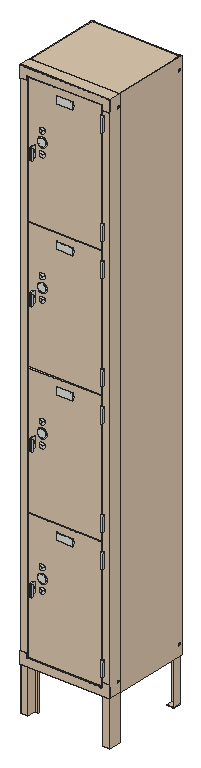
Revit family "Metal_Vented_Lockers-Salsbury_Industries-74000_Series-1_Wide_Units", category Specialty Equipment, Revit 2026 (continued)
Definition of nested family "Vents"
  Lines and regions (in)
    model lines
      curve 94: spline (-0.12232, 0, 41.60811) -> (-0.1046, 0, 41.6374) -> (-0.08525, 0, 41.66198) -> (-0.06455, 0, 41.68144) -> (-0.04284, 0, 41.6955) -> (-0.02044, 0, 41.70394) -> (0.00229, 0, 41.70663) -> (0.02501, 0, 41.70353) -> (0.04737, 0, 41.69468) -> (0.06902, 0, 41.68022) -> (0.08963, 0, 41.66038) -> (0.10888, 0, 41.63545) -> (0.12647, 0, 41.60583)
      curve 95: line (-0.12232, 0, 41.60811) -> (-0.3738, 0, 40.95638)
      curve 96: line (0.12647, 0, 41.60583) -> (0.37669, 0, 40.95565)
      curve 97: spline (-0.12218, 0, 38.56729) -> (-0.10447, 0, 38.53816) -> (-0.08514, 0, 38.51373) -> (-0.06447, 0, 38.49437) -> (-0.04279, 0, 38.48039) -> (-0.02043, 0, 38.47199) -> (0.00227, 0, 38.46932) -> (0.02496, 0, 38.4724) -> (0.04728, 0, 38.48119) -> (0.0689, 0, 38.49555) -> (0.08949, 0, 38.51527) -> (0.10872, 0, 38.54005) -> (0.1263, 0, 38.56949)
      curve 98: line (-0.12218, 0, 38.56729) -> (-0.3738, 0, 39.21938)
      curve 99: line (0.1263, 0, 38.56949) -> (0.37669, 0, 39.21865)
      curve 100: spline (-0.12232, 0, 39.87111) -> (-0.1046, 0, 39.9004) -> (-0.08525, 0, 39.92498) -> (-0.06455, 0, 39.94444) -> (-0.04284, 0, 39.9585) -> (-0.02044, 0, 39.96694) -> (0.00229, 0, 39.96963) -> (0.02501, 0, 39.96653) -> (0.04737, 0, 39.95768) -> (0.06902, 0, 39.94322) -> (0.08963, 0, 39.92338) -> (0.10888, 0, 39.89845) -> (0.12647, 0, 39.86883)
      curve 101: line (-0.12232, 0, 39.87111) -> (-0.3738, 0, 39.21938)
      curve 102: line (0.12647, 0, 39.86883) -> (0.37669, 0, 39.21865)
      curve 103: spline (-0.12218, 0, 36.83029) -> (-0.10447, 0, 36.80116) -> (-0.08514, 0, 36.77673) -> (-0.06447, 0, 36.75737) -> (-0.04279, 0, 36.74339) -> (-0.02043, 0, 36.73499) -> (0.00227, 0, 36.73232) -> (0.02496, 0, 36.7354) -> (0.04728, 0, 36.74419) -> (0.0689, 0, 36.75855) -> (0.08949, 0, 36.77827) -> (0.10872, 0, 36.80305) -> (0.1263, 0, 36.83249)
      curve 104: line (-0.12218, 0, 36.83029) -> (-0.3738, 0, 37.48238)
      curve 105: line (0.1263, 0, 36.83249) -> (0.37669, 0, 37.48165)
      curve 106: spline (-0.12232, 0, 38.13411) -> (-0.1046, 0, 38.1634) -> (-0.08525, 0, 38.18798) -> (-0.06455, 0, 38.20744) -> (-0.04284, 0, 38.2215) -> (-0.02044, 0, 38.22994) -> (0.00229, 0, 38.23263) -> (0.02501, 0, 38.22953) -> (0.04737, 0, 38.22068) -> (0.06902, 0, 38.20622) -> (0.08963, 0, 38.18638) -> (0.10888, 0, 38.16145) -> (0.12647, 0, 38.13183)
      curve 107: line (-0.12232, 0, 38.13411) -> (-0.3738, 0, 37.48238)
      curve 108: line (0.12647, 0, 38.13183) -> (0.37669, 0, 37.48165)
      curve 109: spline (-0.12218, 0, 35.09329) -> (-0.10447, 0, 35.06416) -> (-0.08514, 0, 35.03973) -> (-0.06447, 0, 35.02037) -> (-0.04279, 0, 35.00639) -> (-0.02043, 0, 34.99799) -> (0.00227, 0, 34.99532) -> (0.02496, 0, 34.9984) -> (0.04728, 0, 35.00719) -> (0.0689, 0, 35.02155) -> (0.08949, 0, 35.04127) -> (0.10872, 0, 35.06605) -> (0.1263, 0, 35.09549)
      curve 110: line (-0.12218, 0, 35.09329) -> (-0.3738, 0, 35.74538)
      curve 111: line (0.1263, 0, 35.09549) -> (0.37669, 0, 35.74465)
      curve 112: spline (-0.12232, 0, 36.39711) -> (-0.1046, 0, 36.4264) -> (-0.08525, 0, 36.45098) -> (-0.06455, 0, 36.47044) -> (-0.04284, 0, 36.4845) -> (-0.02044, 0, 36.49294) -> (0.00229, 0, 36.49563) -> (0.02501, 0, 36.49253) -> (0.04737, 0, 36.48368) -> (0.06902, 0, 36.46922) -> (0.08963, 0, 36.44938) -> (0.10888, 0, 36.42445) -> (0.12647, 0, 36.39483)
      curve 113: line (-0.12232, 0, 36.39711) -> (-0.3738, 0, 35.74538)
      curve 114: line (0.12647, 0, 36.39483) -> (0.37669, 0, 35.74465)
      curve 115: spline (-0.12218, 0, 33.35629) -> (-0.10447, 0, 33.32716) -> (-0.08514, 0, 33.30273) -> (-0.06447, 0, 33.28337) -> (-0.04279, 0, 33.26939) -> (-0.02043, 0, 33.26099) -> (0.00227, 0, 33.25832) -> (0.02496, 0, 33.2614) -> (0.04728, 0, 33.27019) -> (0.0689, 0, 33.28455) -> (0.08949, 0, 33.30427) -> (0.10872, 0, 33.32905) -> (0.1263, 0, 33.35849)
      curve 116: line (-0.12218, 0, 33.35629) -> (-0.3738, 0, 34.00838)
      curve 117: line (0.1263, 0, 33.35849) -> (0.37669, 0, 34.00765)
      curve 118: spline (-0.12232, 0, 34.66011) -> (-0.1046, 0, 34.6894) -> (-0.08525, 0, 34.71398) -> (-0.06455, 0, 34.73344) -> (-0.04284, 0, 34.7475) -> (-0.02044, 0, 34.75594) -> (0.00229, 0, 34.75863) -> (0.02501, 0, 34.75553) -> (0.04737, 0, 34.74668) -> (0.06902, 0, 34.73222) -> (0.08963, 0, 34.71238) -> (0.10888, 0, 34.68745) -> (0.12647, 0, 34.65783)
      curve 119: line (-0.12232, 0, 34.66011) -> (-0.3738, 0, 34.00838)
      curve 120: line (0.12647, 0, 34.65783) -> (0.37669, 0, 34.00765)
      curve 121: spline (-0.12218, 0, 31.61929) -> (-0.10447, 0, 31.59016) -> (-0.08514, 0, 31.56573) -> (-0.06447, 0, 31.54637) -> (-0.04279, 0, 31.53239) -> (-0.02043, 0, 31.52399) -> (0.00227, 0, 31.52132) -> (0.02496, 0, 31.5244) -> (0.04728, 0, 31.53319) -> (0.0689, 0, 31.54755) -> (0.08949, 0, 31.56727) -> (0.10872, 0, 31.59205) -> (0.1263, 0, 31.62149)
      curve 122: line (-0.12218, 0, 31.61929) -> (-0.3738, 0, 32.27138)
      curve 123: line (0.1263, 0, 31.62149) -> (0.37669, 0, 32.27065)
      curve 124: spline (-0.12232, 0, 32.92311) -> (-0.1046, 0, 32.9524) -> (-0.08525, 0, 32.97698) -> (-0.06455, 0, 32.99644) -> (-0.04284, 0, 33.0105) -> (-0.02044, 0, 33.01894) -> (0.00229, 0, 33.02163) -> (0.02501, 0, 33.01853) -> (0.04737, 0, 33.00968) -> (0.06902, 0, 32.99522) -> (0.08963, 0, 32.97538) -> (0.10888, 0, 32.95045) -> (0.12647, 0, 32.92083)
      curve 125: line (-0.12232, 0, 32.92311) -> (-0.3738, 0, 32.27138)
      curve 126: line (0.12647, 0, 32.92083) -> (0.37669, 0, 32.27065)
      curve 127: spline (-0.12218, 0, 29.88229) -> (-0.10447, 0, 29.85316) -> (-0.08514, 0, 29.82873) -> (-0.06447, 0, 29.80937) -> (-0.04279, 0, 29.79539) -> (-0.02043, 0, 29.78699) -> (0.00227, 0, 29.78432) -> (0.02496, 0, 29.7874) -> (0.04728, 0, 29.79619) -> (0.0689, 0, 29.81055) -> (0.08949, 0, 29.83027) -> (0.10872, 0, 29.85505) -> (0.1263, 0, 29.88449)
      curve 128: line (-0.12218, 0, 29.88229) -> (-0.3738, 0, 30.53438)
      curve 129: line (0.1263, 0, 29.88449) -> (0.37669, 0, 30.53365)
      curve 130: spline (-0.12232, 0, 31.18611) -> (-0.1046, 0, 31.2154) -> (-0.08525, 0, 31.23998) -> (-0.06455, 0, 31.25944) -> (-0.04284, 0, 31.2735) -> (-0.02044, 0, 31.28194) -> (0.00229, 0, 31.28463) -> (0.02501, 0, 31.28153) -> (0.04737, 0, 31.27268) -> (0.06902, 0, 31.25822) -> (0.08963, 0, 31.23838) -> (0.10888, 0, 31.21345) -> (0.12647, 0, 31.18383)
      curve 131: line (-0.12232, 0, 31.18611) -> (-0.3738, 0, 30.53438)
      curve 132: line (0.12647, 0, 31.18383) -> (0.37669, 0, 30.53365)
      curve 133: spline (-0.12218, 0, 28.14529) -> (-0.10447, 0, 28.11616) -> (-0.08514, 0, 28.09173) -> (-0.06447, 0, 28.07237) -> (-0.04279, 0, 28.05839) -> (-0.02043, 0, 28.04999) -> (0.00227, 0, 28.04732) -> (0.02496, 0, 28.0504) -> (0.04728, 0, 28.05919) -> (0.0689, 0, 28.07355) -> (0.08949, 0, 28.09327) -> (0.10872, 0, 28.11805) -> (0.1263, 0, 28.14749)
      curve 134: line (-0.12218, 0, 28.14529) -> (-0.3738, 0, 28.79738)
      curve 135: line (0.1263, 0, 28.14749) -> (0.37669, 0, 28.79665)
      curve 136: spline (-0.12232, 0, 29.44911) -> (-0.1046, 0, 29.4784) -> (-0.08525, 0, 29.50298) -> (-0.06455, 0, 29.52244) -> (-0.04284, 0, 29.5365) -> (-0.02044, 0, 29.54494) -> (0.00229, 0, 29.54763) -> (0.02501, 0, 29.54453) -> (0.04737, 0, 29.53568) -> (0.06902, 0, 29.52122) -> (0.08963, 0, 29.50138) -> (0.10888, 0, 29.47645) -> (0.12647, 0, 29.44683)
      curve 137: line (-0.12232, 0, 29.44911) -> (-0.3738, 0, 28.79738)
      curve 138: line (0.12647, 0, 29.44683) -> (0.37669, 0, 28.79665)
      curve 139: spline (-0.12218, 0, 26.40829) -> (-0.10447, 0, 26.37916) -> (-0.08514, 0, 26.35473) -> (-0.06447, 0, 26.33537) -> (-0.04279, 0, 26.32139) -> (-0.02043, 0, 26.31299) -> (0.00227, 0, 26.31032) -> (0.02496, 0, 26.3134) -> (0.04728, 0, 26.32219) -> (0.0689, 0, 26.33655) -> (0.08949, 0, 26.35627) -> (0.10872, 0, 26.38105) -> (0.1263, 0, 26.41049)
      curve 140: line (-0.12218, 0, 26.40829) -> (-0.3738, 0, 27.06038)
      curve 141: line (0.1263, 0, 26.41049) -> (0.37669, 0, 27.05965)
      curve 142: spline (-0.12232, 0, 27.71211) -> (-0.1046, 0, 27.7414) -> (-0.08525, 0, 27.76598) -> (-0.06455, 0, 27.78544) -> (-0.04284, 0, 27.7995) -> (-0.02044, 0, 27.80794) -> (0.00229, 0, 27.81063) -> (0.02501, 0, 27.80753) -> (0.04737, 0, 27.79868) -> (0.06902, 0, 27.78422) -> (0.08963, 0, 27.76438) -> (0.10888, 0, 27.73945) -> (0.12647, 0, 27.70983)
      curve 143: line (-0.12232, 0, 27.71211) -> (-0.3738, 0, 27.06038)
      curve 144: line (0.12647, 0, 27.70983) -> (0.37669, 0, 27.05965)
      curve 145: spline (-0.12218, 0, 24.67129) -> (-0.10447, 0, 24.64216) -> (-0.08514, 0, 24.61773) -> (-0.06447, 0, 24.59837) -> (-0.04279, 0, 24.58439) -> (-0.02043, 0, 24.57599) -> (0.00227, 0, 24.57332) -> (0.02496, 0, 24.5764) -> (0.04728, 0, 24.58519) -> (0.0689, 0, 24.59955) -> (0.08949, 0, 24.61927) -> (0.10872, 0, 24.64405) -> (0.1263, 0, 24.67349)
      curve 146: line (-0.12218, 0, 24.67129) -> (-0.3738, 0, 25.32338)
      curve 147: line (0.1263, 0, 24.67349) -> (0.37669, 0, 25.32265)
      curve 148: spline (-0.12232, 0, 25.97511) -> (-0.1046, 0, 26.0044) -> (-0.08525, 0, 26.02898) -> (-0.06455, 0, 26.04844) -> (-0.04284, 0, 26.0625) -> (-0.02044, 0, 26.07094) -> (0.00229, 0, 26.07363) -> (0.02501, 0, 26.07053) -> (0.04737, 0, 26.06168) -> (0.06902, 0, 26.04722) -> (0.08963, 0, 26.02738) -> (0.10888, 0, 26.00245) -> (0.12647, 0, 25.97283)
      curve 149: line (-0.12232, 0, 25.97511) -> (-0.3738, 0, 25.32338)
      curve 150: line (0.12647, 0, 25.97283) -> (0.37669, 0, 25.32265)
      curve 151: spline (-0.12218, 0, 22.93429) -> (-0.10447, 0, 22.90516) -> (-0.08514, 0, 22.88073) -> (-0.06447, 0, 22.86137) -> (-0.04279, 0, 22.84739) -> (-0.02043, 0, 22.83899) -> (0.00227, 0, 22.83632) -> (0.02496, 0, 22.8394) -> (0.04728, 0, 22.84819) -> (0.0689, 0, 22.86255) -> (0.08949, 0, 22.88227) -> (0.10872, 0, 22.90705) -> (0.1263, 0, 22.93649)
      curve 152: line (-0.12218, 0, 22.93429) -> (-0.3738, 0, 23.58638)
      curve 153: line (0.1263, 0, 22.93649) -> (0.37669, 0, 23.58565)
      curve 154: spline (-0.12232, 0, 24.23811) -> (-0.1046, 0, 24.2674) -> (-0.08525, 0, 24.29198) -> (-0.06455, 0, 24.31144) -> (-0.04284, 0, 24.3255) -> (-0.02044, 0, 24.33394) -> (0.00229, 0, 24.33663) -> (0.02501, 0, 24.33353) -> (0.04737, 0, 24.32468) -> (0.06902, 0, 24.31022) -> (0.08963, 0, 24.29038) -> (0.10888, 0, 24.26545) -> (0.12647, 0, 24.23583)
      curve 155: line (-0.12232, 0, 24.23811) -> (-0.3738, 0, 23.58638)
      curve 156: line (0.12647, 0, 24.23583) -> (0.37669, 0, 23.58565)
      curve 157: spline (-0.12218, 0, 21.19729) -> (-0.10447, 0, 21.16816) -> (-0.08514, 0, 21.14373) -> (-0.06447, 0, 21.12437) -> (-0.04279, 0, 21.11039) -> (-0.02043, 0, 21.10199) -> (0.00227, 0, 21.09932) -> (0.02496, 0, 21.1024) -> (0.04728, 0, 21.11119) -> (0.0689, 0, 21.12555) -> (0.08949, 0, 21.14527) -> (0.10872, 0, 21.17005) -> (0.1263, 0, 21.19949)
      curve 158: line (-0.12218, 0, 21.19729) -> (-0.3738, 0, 21.84938)
      curve 159: line (0.1263, 0, 21.19949) -> (0.37669, 0, 21.84865)
      curve 160: spline (-0.12232, 0, 22.50111) -> (-0.1046, 0, 22.5304) -> (-0.08525, 0, 22.55498) -> (-0.06455, 0, 22.57444) -> (-0.04284, 0, 22.5885) -> (-0.02044, 0, 22.59694) -> (0.00229, 0, 22.59963) -> (0.02501, 0, 22.59653) -> (0.04737, 0, 22.58768) -> (0.06902, 0, 22.57322) -> (0.08963, 0, 22.55338) -> (0.10888, 0, 22.52845) -> (0.12647, 0, 22.49883)
      curve 161: line (-0.12232, 0, 22.50111) -> (-0.3738, 0, 21.84938)
      curve 162: line (0.12647, 0, 22.49883) -> (0.37669, 0, 21.84865)
      curve 163: spline (-0.12218, 0, 19.46029) -> (-0.10447, 0, 19.43116) -> (-0.08514, 0, 19.40673) -> (-0.06447, 0, 19.38737) -> (-0.04279, 0, 19.37339) -> (-0.02043, 0, 19.36499) -> (0.00227, 0, 19.36232) -> (0.02496, 0, 19.3654) -> (0.04728, 0, 19.37419) -> (0.0689, 0, 19.38855) -> (0.08949, 0, 19.40827) -> (0.10872, 0, 19.43305) -> (0.1263, 0, 19.46249)
      curve 164: line (-0.12218, 0, 19.46029) -> (-0.3738, 0, 20.11238)
      curve 165: line (0.1263, 0, 19.46249) -> (0.37669, 0, 20.11165)
      curve 166: spline (-0.12232, 0, 20.76411) -> (-0.1046, 0, 20.7934) -> (-0.08525, 0, 20.81798) -> (-0.06455, 0, 20.83744) -> (-0.04284, 0, 20.8515) -> (-0.02044, 0, 20.85994) -> (0.00229, 0, 20.86263) -> (0.02501, 0, 20.85953) -> (0.04737, 0, 20.85068) -> (0.06902, 0, 20.83622) -> (0.08963, 0, 20.81638) -> (0.10888, 0, 20.79145) -> (0.12647, 0, 20.76183)
      curve 167: line (-0.12232, 0, 20.76411) -> (-0.3738, 0, 20.11238)
      curve 168: line (0.12647, 0, 20.76183) -> (0.37669, 0, 20.11165)
      curve 197: spline (-0.12218, 0, 17.72329) -> (-0.10447, 0, 17.69416) -> (-0.08514, 0, 17.66973) -> (-0.06447, 0, 17.65037) -> (-0.04279, 0, 17.63639) -> (-0.02043, 0, 17.62799) -> (0.00227, 0, 17.62532) -> (0.02496, 0, 17.6284) -> (0.04728, 0, 17.63719) -> (0.0689, 0, 17.65155) -> (0.08949, 0, 17.67127) -> (0.10872, 0, 17.69605) -> (0.1263, 0, 17.72549)
      curve 198: line (-0.12218, 0, 17.72329) -> (-0.3738, 0, 18.37538)
      curve 199: line (0.1263, 0, 17.72549) -> (0.37669, 0, 18.37465)
      curve 200: spline (-0.12232, 0, 19.02711) -> (-0.1046, 0, 19.0564) -> (-0.08525, 0, 19.08098) -> (-0.06455, 0, 19.10044) -> (-0.04284, 0, 19.1145) -> (-0.02044, 0, 19.12294) -> (0.00229, 0, 19.12563) -> (0.02501, 0, 19.12253) -> (0.04737, 0, 19.11368) -> (0.06902, 0, 19.09922) -> (0.08963, 0, 19.07938) -> (0.10888, 0, 19.05445) -> (0.12647, 0, 19.02483)
      curve 201: line (-0.12232, 0, 19.02711) -> (-0.3738, 0, 18.37538)
      curve 202: line (0.12647, 0, 19.02483) -> (0.37669, 0, 18.37465)
      curve 204: spline (-0.12218, 0, 15.98629) -> (-0.10447, 0, 15.95716) -> (-0.08514, 0, 15.93273) -> (-0.06447, 0, 15.91337) -> (-0.04279, 0, 15.89939) -> (-0.02043, 0, 15.89099) -> (0.00227, 0, 15.88832) -> (0.02496, 0, 15.8914) -> (0.04728, 0, 15.90019) -> (0.0689, 0, 15.91455) -> (0.08949, 0, 15.93427) -> (0.10872, 0, 15.95905) -> (0.1263, 0, 15.98849)
      curve 205: line (-0.12218, 0, 15.98629) -> (-0.3738, 0, 16.63838)
      curve 206: line (0.1263, 0, 15.98849) -> (0.37669, 0, 16.63765)
      curve 207: spline (-0.12232, 0, 17.29011) -> (-0.1046, 0, 17.3194) -> (-0.08525, 0, 17.34398) -> (-0.06455, 0, 17.36344) -> (-0.04284, 0, 17.3775) -> (-0.02044, 0, 17.38594) -> (0.00229, 0, 17.38863) -> (0.02501, 0, 17.38553) -> (0.04737, 0, 17.37668) -> (0.06902, 0, 17.36222) -> (0.08963, 0, 17.34238) -> (0.10888, 0, 17.31745) -> (0.12647, 0, 17.28783)
      curve 208: line (-0.12232, 0, 17.29011) -> (-0.3738, 0, 16.63838)
      curve 209: line (0.12647, 0, 17.28783) -> (0.37669, 0, 16.63765)
      curve 211: spline (-0.12218, 0, 14.24929) -> (-0.10447, 0, 14.22016) -> (-0.08514, 0, 14.19573) -> (-0.06447, 0, 14.17637) -> (-0.04279, 0, 14.16239) -> (-0.02043, 0, 14.15399) -> (0.00227, 0, 14.15132) -> (0.02496, 0, 14.1544) -> (0.04728, 0, 14.16319) -> (0.0689, 0, 14.17755) -> (0.08949, 0, 14.19727) -> (0.10872, 0, 14.22205) -> (0.1263, 0, 14.25149)
      curve 212: line (-0.12218, 0, 14.24929) -> (-0.3738, 0, 14.90138)
      curve 213: line (0.1263, 0, 14.25149) -> (0.37669, 0, 14.90065)
      curve 214: spline (-0.12232, 0, 15.55311) -> (-0.1046, 0, 15.5824) -> (-0.08525, 0, 15.60698) -> (-0.06455, 0, 15.62644) -> (-0.04284, 0, 15.6405) -> (-0.02044, 0, 15.64894) -> (0.00229, 0, 15.65163) -> (0.02501, 0, 15.64853) -> (0.04737, 0, 15.63968) -> (0.06902, 0, 15.62522) -> (0.08963, 0, 15.60538) -> (0.10888, 0, 15.58045) -> (0.12647, 0, 15.55083)
      curve 215: line (-0.12232, 0, 15.55311) -> (-0.3738, 0, 14.90138)
      curve 216: line (0.12647, 0, 15.55083) -> (0.37669, 0, 14.90065)
      curve 218: spline (-0.12218, 0, 12.51229) -> (-0.10447, 0, 12.48316) -> (-0.08514, 0, 12.45873) -> (-0.06447, 0, 12.43937) -> (-0.04279, 0, 12.42539) -> (-0.02043, 0, 12.41699) -> (0.00227, 0, 12.41432) -> (0.02496, 0, 12.4174) -> (0.04728, 0, 12.42619) -> (0.0689, 0, 12.44055) -> (0.08949, 0, 12.46027) -> (0.10872, 0, 12.48505) -> (0.1263, 0, 12.51449)
      curve 219: line (-0.12218, 0, 12.51229) -> (-0.3738, 0, 13.16438)
      curve 220: line (0.1263, 0, 12.51449) -> (0.37669, 0, 13.16365)
      curve 221: spline (-0.12232, 0, 13.81611) -> (-0.1046, 0, 13.8454) -> (-0.08525, 0, 13.86998) -> (-0.06455, 0, 13.88944) -> (-0.04284, 0, 13.9035) -> (-0.02044, 0, 13.91194) -> (0.00229, 0, 13.91463) -> (0.02501, 0, 13.91153) -> (0.04737, 0, 13.90268) -> (0.06902, 0, 13.88822) -> (0.08963, 0, 13.86838) -> (0.10888, 0, 13.84345) -> (0.12647, 0, 13.81383)
      curve 222: line (-0.12232, 0, 13.81611) -> (-0.3738, 0, 13.16438)
      curve 223: line (0.12647, 0, 13.81383) -> (0.37669, 0, 13.16365)
      curve 225: spline (-0.12218, 0, 10.77529) -> (-0.10447, 0, 10.74616) -> (-0.08514, 0, 10.72173) -> (-0.06447, 0, 10.70237) -> (-0.04279, 0, 10.68839) -> (-0.02043, 0, 10.67999) -> (0.00227, 0, 10.67732) -> (0.02496, 0, 10.6804) -> (0.04728, 0, 10.68919) -> (0.0689, 0, 10.70355) -> (0.08949, 0, 10.72327) -> (0.10872, 0, 10.74805) -> (0.1263, 0, 10.77749)
      curve 226: line (-0.12218, 0, 10.77529) -> (-0.3738, 0, 11.42738)
      curve 227: line (0.1263, 0, 10.77749) -> (0.37669, 0, 11.42665)
      curve 228: spline (-0.12232, 0, 12.07911) -> (-0.1046, 0, 12.1084) -> (-0.08525, 0, 12.13298) -> (-0.06455, 0, 12.15244) -> (-0.04284, 0, 12.1665) -> (-0.02044, 0, 12.17494) -> (0.00229, 0, 12.17763) -> (0.02501, 0, 12.17453) -> (0.04737, 0, 12.16568) -> (0.06902, 0, 12.15122) -> (0.08963, 0, 12.13138) -> (0.10888, 0, 12.10645) -> (0.12647, 0, 12.07683)
      curve 229: line (-0.12232, 0, 12.07911) -> (-0.3738, 0, 11.42738)
      curve 230: line (0.12647, 0, 12.07683) -> (0.37669, 0, 11.42665)
      curve 232: spline (-0.12218, 0, 9.03829) -> (-0.10447, 0, 9.00916) -> (-0.08514, 0, 8.98473) -> (-0.06447, 0, 8.96537) -> (-0.04279, 0, 8.95139) -> (-0.02043, 0, 8.94299) -> (0.00227, 0, 8.94032) -> (0.02496, 0, 8.9434) -> (0.04728, 0, 8.95219) -> (0.0689, 0, 8.96655) -> (0.08949, 0, 8.98627) -> (0.10872, 0, 9.01105) -> (0.1263, 0, 9.04049)
      curve 233: line (-0.12218, 0, 9.03829) -> (-0.3738, 0, 9.69038)
      curve 234: line (0.1263, 0, 9.04049) -> (0.37669, 0, 9.68965)
      curve 235: spline (-0.12232, 0, 10.34211) -> (-0.1046, 0, 10.3714) -> (-0.08525, 0, 10.39598) -> (-0.06455, 0, 10.41544) -> (-0.04284, 0, 10.4295) -> (-0.02044, 0, 10.43794) -> (0.00229, 0, 10.44063) -> (0.02501, 0, 10.43753) -> (0.04737, 0, 10.42868) -> (0.06902, 0, 10.41422) -> (0.08963, 0, 10.39438) -> (0.10888, 0, 10.36945) -> (0.12647, 0, 10.33983)
      curve 236: line (-0.12232, 0, 10.34211) -> (-0.3738, 0, 9.69038)
      curve 237: line (0.12647, 0, 10.33983) -> (0.37669, 0, 9.68965)
      curve 239: spline (-0.12218, 0, 7.30129) -> (-0.10447, 0, 7.27216) -> (-0.08514, 0, 7.24773) -> (-0.06447, 0, 7.22837) -> (-0.04279, 0, 7.21439) -> (-0.02043, 0, 7.20599) -> (0.00227, 0, 7.20332) -> (0.02496, 0, 7.2064) -> (0.04728, 0, 7.21519) -> (0.0689, 0, 7.22955) -> (0.08949, 0, 7.24927) -> (0.10872, 0, 7.27405) -> (0.1263, 0, 7.30349)
      curve 240: line (-0.12218, 0, 7.30129) -> (-0.3738, 0, 7.95338)
      curve 241: line (0.1263, 0, 7.30349) -> (0.37669, 0, 7.95265)
      curve 242: spline (-0.12232, 0, 8.60511) -> (-0.1046, 0, 8.6344) -> (-0.08525, 0, 8.65898) -> (-0.06455, 0, 8.67844) -> (-0.04284, 0, 8.6925) -> (-0.02044, 0, 8.70094) -> (0.00229, 0, 8.70363) -> (0.02501, 0, 8.70053) -> (0.04737, 0, 8.69168) -> (0.06902, 0, 8.67722) -> (0.08963, 0, 8.65738) -> (0.10888, 0, 8.63245) -> (0.12647, 0, 8.60283)
      curve 243: line (-0.12232, 0, 8.60511) -> (-0.3738, 0, 7.95338)
      curve 244: line (0.12647, 0, 8.60283) -> (0.37669, 0, 7.95265)
      curve 246: spline (-0.12218, 0, 5.56429) -> (-0.10447, 0, 5.53516) -> (-0.08514, 0, 5.51073) -> (-0.06447, 0, 5.49137) -> (-0.04279, 0, 5.47739) -> (-0.02043, 0, 5.46899) -> (0.00227, 0, 5.46632) -> (0.02496, 0, 5.4694) -> (0.04728, 0, 5.47819) -> (0.0689, 0, 5.49255) -> (0.08949, 0, 5.51227) -> (0.10872, 0, 5.53705) -> (0.1263, 0, 5.56649)
      curve 247: line (-0.12218, 0, 5.56429) -> (-0.3738, 0, 6.21638)
      curve 248: line (0.1263, 0, 5.56649) -> (0.37669, 0, 6.21565)
      curve 249: spline (-0.12232, 0, 6.86811) -> (-0.1046, 0, 6.8974) -> (-0.08525, 0, 6.92198) -> (-0.06455, 0, 6.94144) -> (-0.04284, 0, 6.9555) -> (-0.02044, 0, 6.96394) -> (0.00229, 0, 6.96663) -> (0.02501, 0, 6.96353) -> (0.04737, 0, 6.95468) -> (0.06902, 0, 6.94022) -> (0.08963, 0, 6.92038) -> (0.10888, 0, 6.89545) -> (0.12647, 0, 6.86583)
      curve 250: line (-0.12232, 0, 6.86811) -> (-0.3738, 0, 6.21638)
      curve 251: line (0.12647, 0, 6.86583) -> (0.37669, 0, 6.21565)
    reference lines
      curve 169: line (-0.37307, 0, 67.00949) -> (0.37714, 0, 67.00949)
      curve 170: line (-0.37307, 0, 65.27249) -> (0.37714, 0, 65.27249)
      curve 171: line (-0.37307, 0, 63.53549) -> (0.37714, 0, 63.53549)
      curve 172: line (-0.37307, 0, 61.79849) -> (0.37714, 0, 61.79849)
      curve 173: line (-0.37307, 0, 60.06149) -> (0.37714, 0, 60.06149)
      curve 174: line (-0.37307, 0, 58.32449) -> (0.37714, 0, 58.32449)
      curve 175: line (-0.37307, 0, 56.58749) -> (0.37714, 0, 56.58749)
      curve 176: line (-0.37307, 0, 54.85049) -> (0.37714, 0, 54.85049)
      curve 177: line (-0.37307, 0, 53.11349) -> (0.37714, 0, 53.11349)
      curve 178: line (-0.37307, 0, 51.37649) -> (0.37714, 0, 51.37649)
      curve 179: line (-0.37307, 0, 49.63949) -> (0.37714, 0, 49.63949)
      curve 180: line (-0.37307, 0, 47.90249) -> (0.37714, 0, 47.90249)
      curve 181: line (-0.37307, 0, 46.16549) -> (0.37714, 0, 46.16549)
      curve 182: line (-0.37307, 0, 44.42849) -> (0.37714, 0, 44.42849)
      curve 183: line (-0.37307, 0, 42.69149) -> (0.37714, 0, 42.69149)
      curve 184: line (-0.37307, 0, 40.95449) -> (0.37714, 0, 40.95449)
      curve 185: line (-0.37307, 0, 39.21749) -> (0.37714, 0, 39.21749)
      curve 186: line (-0.37307, 0, 37.48049) -> (0.37714, 0, 37.48049)
      curve 187: line (-0.37307, 0, 35.74349) -> (0.37714, 0, 35.74349)
      curve 188: line (-0.37307, 0, 34.00649) -> (0.37714, 0, 34.00649)
      curve 189: line (-0.37307, 0, 32.26949) -> (0.37714, 0, 32.26949)
      curve 190: line (-0.37307, 0, 30.53249) -> (0.37714, 0, 30.53249)
      curve 191: line (-0.37307, 0, 28.79549) -> (0.37714, 0, 28.79549)
      curve 192: line (-0.37307, 0, 27.05849) -> (0.37714, 0, 27.05849)
      curve 193: line (-0.37307, 0, 25.32149) -> (0.37714, 0, 25.32149)
      curve 194: line (-0.37307, 0, 23.58449) -> (0.37714, 0, 23.58449)
      curve 195: line (-0.37307, 0, 21.84749) -> (0.37714, 0, 21.84749)
      curve 196: line (-0.37307, 0, 20.11049) -> (0.37714, 0, 20.11049)
      curve 203: line (-0.37307, 0, 18.37349) -> (0.37714, 0, 18.37349)
      curve 210: line (-0.37307, 0, 16.63649) -> (0.37714, 0, 16.63649)
      curve 217: line (-0.37307, 0, 14.89949) -> (0.37714, 0, 14.89949)
      curve 224: line (-0.37307, 0, 13.16249) -> (0.37714, 0, 13.16249)
      curve 231: line (-0.37307, 0, 11.42549) -> (0.37714, 0, 11.42549)
      curve 238: line (-0.37307, 0, 9.68849) -> (0.37714, 0, 9.68849)
      curve 245: line (-0.37307, 0, 7.95149) -> (0.37714, 0, 7.95149)
      curve 252: line (-0.37307, 0, 6.21449) -> (0.37714, 0, 6.21449)
  Dimensions and locks (in)
    equal spacing: group 1, group 2, group 3, group 4, group 5, group 6, group 7, group 8, group 9, group 10, group 11, group 12, group 13, group 14, group 15, group 16, group 17, group 18, group 19, group 20, group 21, group 22, group 23, group 24, group 25, group 26, group 27, group 28, group 29, group 30, group 31, group 32, group 33, group 34, group 35, group 36  (x2)
    equal spacing: group 36, group 35, group 34, group 33, group 32, group 31, group 30, group 29, group 28, group 27, group 26, group 25, group 24, group 23, group 22, group 21, group 20, group 19, group 18, group 17, group 16, group 15, group 14, group 13, group 12, group 11, group 10, group 9, group 8, group 7, group 6, group 5, group 4, group 3, group 2, group 1
    aligned and locked: level to plane 2
Types (18): name | Zee Base | Vent Offset | Vent Configuration Height | Vent Array 2 | Vent Array 1 | Unit Height including Sloping Hood Only | Unit Height | Total Door(s) Height | Sloping Hood Height | Primary Structure Material | Unit Height including Base Only | Overall Unit Height (including Base and Sloping Hood) | Model | Individual Door Height | Hasp Plate Rivet Material | Door Location D1 | Description | Depth | Compartment Divider Height | Base Height | Standard Leg Base
  74162 - with Standard 6" High Legs | Metal Locker Zee Base : None | 3.250" | Vents : 6 foot high vents | 5 | 6 | 78.625" | 72.000" | 69.81949" | 6.625" | Steel - Salsbury Finish = Tan | 78.000" | 84.625" | "74162" | 17.360" | Steel -Salsbury Finish =  Polished Steel | Vented Metal Locker Doors-12 inch with Latch Hasps : Four Tier Door - 6 foot | "1 Wide - 6 Feet High - 12 Inches Deep" | 12.010" | 16.985" | 6.000" | Metal Locker Legs : 6" High - 12" W x 12" D
  74165 - with Standard 6" High Legs | Metal Locker Zee Base : None | 3.500" | Vents : 6 foot high vents | 7 | 8 | 80.682" | 72.000" | 69.81949" | 8.682" | Paint - Salsbury Finish - Tan | 78.000" | 86.682" | "74165" | 17.360" | Steel -Salsbury Finish - Polished Steel | Vented Metal Locker Doors-12 inch with Latch Hasps : Four Tier Door - 6 foot | "1 Wide - 6 Feet High - 15 Inches Deep" | 15.010" | 16.985" | 6.000" | Metal Locker Legs : 6" High - 12" W x 15" D
  74168 - with Standard 6" High Legs | Metal Locker Zee Base : None | 3.750" | Vents : 6 foot high vents | 9 | 10 | 82.739" | 72.000" | 69.81949" | 10.739" | Paint - Salsbury Finish - Tan | 78.000" | 88.739" | "74168" | 17.360" | Steel -Salsbury Finish - Polished Steel | Vented Metal Locker Doors-12 inch with Latch Hasps : Four Tier Door - 6 foot | "1 Wide - 6 Feet High - 18 Inches Deep" | 18.010" | 16.985" | 6.000" | Metal Locker Legs : 6" High - 12"W x 18"D
  74162 - with 77572 Zee Base and 77550 Lockers without Legs | Metal Locker Zee Base : 77572- 12" W x 12" D | 3.250" | Vents : 6 foot high vents | 5 | 6 | 78.625" | 72.000" | 69.81949" | 6.625" | Paint - Salsbury Finish - Tan | 76.000" | 82.625" | "74162 with 77572 and 77550" | 17.360" | Steel -Salsbury Finish - Polished Steel | Vented Metal Locker Doors-12 inch with Latch Hasps : Four Tier Door - 6 foot | "1 Wide - 6 Feet High - 12 Inches Deep with Zee Base and Lockers without Legs" | 12.010" | 16.985" | 4.000" | Metal Locker Legs : No Legs
  74165 - with 77575 Zee Base and 77550 Lockers without Legs | Metal Locker Zee Base : 77575 - 12" W x 15" D | 3.500" | Vents : 6 foot high vents | 7 | 8 | 80.682" | 72.000" | 69.81949" | 8.682" | Paint - Salsbury Finish - Tan | 76.000" | 84.682" | "74165 with 77575 and 77550" | 17.360" | Steel -Salsbury Finish - Polished Steel | Vented Metal Locker Doors-12 inch with Latch Hasps : Four Tier Door - 6 foot | "1 Wide - 6 Feet High - 15 Inches Deep with Zee Base and Lockers without Legs" | 15.010" | 16.985" | 4.000" | Metal Locker Legs : No Legs
  74168 - with 77578 Zee Base and 77550 Lockers without Legs | Metal Locker Zee Base : 77578 - 12"W x 18"D | 3.750" | Vents : 6 foot high vents | 9 | 10 | 82.739" | 72.000" | 69.81949" | 10.739" | Paint - Salsbury Finish - Tan | 76.000" | 86.739" | "74168 with 77578 and 77550" | 17.360" | Steel -Salsbury Finish - Polished Steel | Vented Metal Locker Doors-12 inch with Latch Hasps : Four Tier Door - 6 foot | "1 Wide - 6 Feet High - 18 Inches Deep with Zee Base and Lockers without Legs" | 18.010" | 16.985" | 4.000" | Metal Locker Legs : No Legs
  74162 - with 77550 Lockers without Legs | Metal Locker Zee Base : None | 3.250" | Vents : 6 foot high vents | 5 | 6 | 78.625" | 72.000" | 69.81949" | 6.625" | Paint - Salsbury Finish - Tan | 72.000" | 78.625" | "74162 with 77550" | 17.360" | Steel -Salsbury Finish - Polished Steel | Vented Metal Locker Doors-12 inch with Latch Hasps : Four Tier Door - 6 foot | "1 Wide - 6 Feet High - 12 Inches Deep with Lockers without Legs" | 12.010" | 16.985" | 0.000" | Metal Locker Legs : No Legs
  74165 - with 77550 Lockers without Legs | Metal Locker Zee Base : None | 3.500" | Vents : 6 foot high vents | 7 | 8 | 80.682" | 72.000" | 69.81949" | 8.682" | Paint - Salsbury Finish - Tan | 72.000" | 80.682" | "74165 with 77550" | 17.360" | Steel -Salsbury Finish - Polished Steel | Vented Metal Locker Doors-12 inch with Latch Hasps : Four Tier Door - 6 foot | "1 Wide - 6 Feet High - 15 Inches Deep with Lockers without Legs" | 15.010" | 16.985" | 0.000" | Metal Locker Legs : No Legs
  74168 - with 77550 Lockers without Legs | Metal Locker Zee Base : None | 3.750" | Vents : 6 foot high vents | 9 | 10 | 82.739" | 72.000" | 69.81949" | 10.739" | Paint - Salsbury Finish - Tan | 72.000" | 82.739" | "74168 with 77550" | 17.360" | Steel -Salsbury Finish - Polished Steel | Vented Metal Locker Doors-12 inch with Latch Hasps : Four Tier Door - 6 foot | "1 Wide - 6 Feet High - 18 Inches Deep with Lockers without Legs" | 18.010" | 16.985" | 0.000" | Metal Locker Legs : No Legs
  74152 - with Standard 6" High Legs | Metal Locker Zee Base : None | 3.250" | Vents : 5 foot high vents | 5 | 6 | 66.625" | 60.000" | 57.81949" | 6.625" | Paint - Salsbury Finish - Tan | 66.000" | 72.625" | "74152" | 14.360" | Steel -Salsbury Finish - Polished Steel | Vented Metal Locker Doors-12 inch with Latch Hasps : Four Tier Door - 5 foot | "1 Wide - 5 Feet High - 12 Inches Deep" | 12.010" | 13.985" | 6.000" | Metal Locker Legs : 6" High - 12" W x 12" D
  74152 - with 77572 Zee Base and 77550 Lockers without Legs | Metal Locker Zee Base : 77572- 12" W x 12" D | 3.250" | Vents : 5 foot high vents | 5 | 6 | 66.625" | 60.000" | 57.81949" | 6.625" | Paint - Salsbury Finish - Tan | 64.000" | 70.625" | "74152 with 77572 and 77550" | 14.360" | Steel -Salsbury Finish - Polished Steel | Vented Metal Locker Doors-12 inch with Latch Hasps : Four Tier Door - 5 foot | "1 Wide - 5 Feet High - 12 Inches Deep with Zee Base and Lockers without Legs" | 12.010" | 13.985" | 4.000" | Metal Locker Legs : No Legs
  74152 - with 77550 Lockers without Legs | Metal Locker Zee Base : None | 3.250" | Vents : 5 foot high vents | 5 | 6 | 66.625" | 60.000" | 57.81949" | 6.625" | Paint - Salsbury Finish - Tan | 60.000" | 66.625" | "74152 with 77550" | 14.360" | Steel -Salsbury Finish - Polished Steel | Vented Metal Locker Doors-12 inch with Latch Hasps : Four Tier Door - 5 foot | "1 Wide - 5 Feet High - 12 Inches Deep with Lockers without Legs" | 12.010" | 13.985" | 0.000" | Metal Locker Legs : No Legs
  74155 - with Standard 6" High Legs | Metal Locker Zee Base : None | 3.500" | Vents : 5 foot high vents | 7 | 8 | 68.682" | 60.000" | 57.81949" | 8.682" | Paint - Salsbury Finish - Tan | 66.000" | 74.682" | "74155" | 14.360" | Steel -Salsbury Finish - Polished Steel | Vented Metal Locker Doors-12 inch with Latch Hasps : Four Tier Door - 5 foot | "1 Wide - 5 Feet High - 15 Inches Deep" | 15.010" | 13.985" | 6.000" | Metal Locker Legs : 6" High - 12" W x 15" D
  74155 - with 77575 Zee Base and 77550 Lockers without Legs | Metal Locker Zee Base : 77575 - 12" W x 15" D | 3.500" | Vents : 5 foot high vents | 7 | 8 | 68.682" | 60.000" | 57.81949" | 8.682" | Paint - Salsbury Finish - Tan | 64.000" | 72.682" | "74155 with 77575 and 77550" | 14.360" | Steel -Salsbury Finish - Polished Steel | Vented Metal Locker Doors-12 inch with Latch Hasps : Four Tier Door - 5 foot | "1 Wide - 5 Feet High - 15 Inches Deep with Zee Base and Lockers without Legs" | 15.010" | 13.985" | 4.000" | Metal Locker Legs : No Legs
  74155 - with 77550 Lockers without Legs | Metal Locker Zee Base : None | 3.500" | Vents : 5 foot high vents | 7 | 8 | 68.682" | 60.000" | 57.81949" | 8.682" | Paint - Salsbury Finish - Tan | 60.000" | 68.682" | "74155 with 77550" | 14.360" | Steel -Salsbury Finish - Polished Steel | Vented Metal Locker Doors-12 inch with Latch Hasps : Four Tier Door - 5 foot | "1 Wide - 5 Feet High - 15 Inches Deep with Lockers without Legs" | 15.010" | 13.985" | 0.000" | Metal Locker Legs : No Legs
  74158 - with Standard 6" High Legs | Metal Locker Zee Base : None | 3.750" | Vents : 5 foot high vents | 9 | 10 | 70.739" | 60.000" | 57.81949" | 10.739" | Paint - Salsbury Finish - Tan | 66.000" | 76.739" | "74158" | 14.360" | Steel -Salsbury Finish - Polished Steel | Vented Metal Locker Doors-12 inch with Latch Hasps : Four Tier Door - 5 foot | "1 Wide - 5 Feet High - 18 Inches Deep" | 18.010" | 13.985" | 6.000" | Metal Locker Legs : 6" High - 12"W x 18"D
  74158 - with 77578 Zee Base and 77550 Lockers without Legs | Metal Locker Zee Base : 77578 - 12"W x 18"D | 3.750" | Vents : 5 foot high vents | 9 | 10 | 70.739" | 60.000" | 57.81949" | 10.739" | Paint - Salsbury Finish - Tan | 64.000" | 74.739" | "74158 with 77578 and 77550" | 14.360" | Steel -Salsbury Finish - Polished Steel | Vented Metal Locker Doors-12 inch with Latch Hasps : Four Tier Door - 5 foot | "1 Wide - 5 Feet High - 18 Inches Deep with Zee Base and Lockers without Legs" | 18.010" | 13.985" | 4.000" | Metal Locker Legs : No Legs
  74158 - with 77550 Lockers without Legs | Metal Locker Zee Base : None | 3.750" | Vents : 5 foot high vents | 9 | 10 | 70.739" | 60.000" | 57.81949" | 10.739" | Paint - Salsbury Finish - Tan | 60.000" | 70.739" | "74158 with 77550" | 14.360" | Steel -Salsbury Finish - Polished Steel | Vented Metal Locker Doors-12 inch with Latch Hasps : Four Tier Door - 5 foot | "1 Wide - 5 Feet High - 18 Inches Deep with Lockers without Legs" | 18.010" | 13.985" | 0.000" | Metal Locker Legs : No Legs
